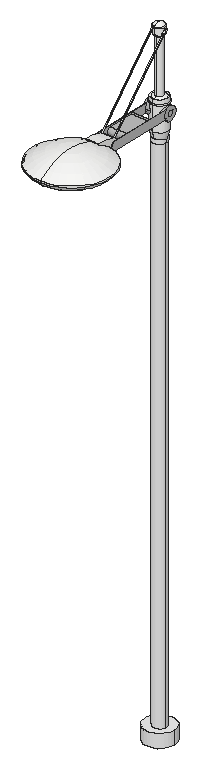
Revit family "FH_Pole", category Lighting Fixtures, Revit 2014
Parameters (values of type "FH_Straight_Arm_With_Extension")
  Wattage Comments = "60 LEDs, 68 W"  # constant formula
  Voltage = 120 V
  URL = "https://www.hubbell.com/architecturalarealighting/en"
  Type Comments = "Lighting Fixture"  # constant formula
  Straight Arm With Extension = yes
  Straight Arm = yes
  Straight = FH-Straight : FH-Straight
  Series = "Flex"  # constant formula
  Product Page URL = "https://www.hubbell.com/architecturalarealighting/en/Products/Lighting-Controls/Commercial-Outdoor-Lighting/Area-Site-Roadway/Flex/p/220804"
  Product Documentation Link = "https://hubbellcdn.com/specsheet/aal_fhled_spec.pdf"
  Power Factor = 1  # constant formula
  Pole Height = Mount Height - 16 1/2"  # 163 1/2"
  Pole Finish = Metal-Kim Lighting-Aluminum Alloy
  Photometric Web Link = "https://www.hubbell.com/architecturalarealighting/en/Products/Lighting-Controls/Commercial-Outdoor-Lighting/Area-Site-Roadway/Flex/p/220804#prod-photometry-section"
  Photometric Notes = "More IES files download on Photometric Web Link"  # constant formula
  Number of Poles = 1
  Mount Height = 180"
  Model = "FH"  # constant formula
  Manufacturer = "Architectural Area Lighting"  # constant formula
  Load Classification = Lighting
  Lamp = "LED"  # constant formula
  Inside Material = Metal-Kim Lighting-Aluminum-Reflective
  IP Rating = "IP66"  # constant formula
  Housing Material = Metal-Kim Lighting-Aluminum Alloy
  Glass Material = Glass-Kim Lighting-Clear
  Finish = "All colors shall be a Super TGIC powder coat paint. Optional white (WH) and custom colors available."
  Extension Rod = yes
  Description = "Product Description Flex features AALs exclusive MicroCore technology which provides ample, smooth, even illumination of the environment. The precision aiming system of AALs MicroCore technology ensures that even when looking directly at the luminaire, only one-half of the LEDs can be viewed at any given time. Upgrade kits are available for existing HID installations. Multiple arm designs and mounting options, including single, twin, tri and quad shape, form a versatile create it yourself look."  # constant formula
  Curved Arm with Extension = no
  Curved Arm = no
  Curved = FH : FH
  Contact us = "https://www.hubbell.com/architecturalarealighting/en/contactUs?productId=220804"
  Assembly Code = "D5020200"
  Arm Material = Metal-Kim Lighting-Aluminum Alloy
  Apparent Load = 68 VA
  Height = 17 1/2"
  Angle Bee = 180.00°
Types (4): name | Straight Arm With Extension | Straight Arm | Extension Rod | Curved Arm with Extension | Curved Arm
  FH_Straight_Arm | no | yes | no | no | no
  FH_Straight_Arm_With_Extension | yes | yes | yes | no | no
  FH_Curved_Arm | no | no | no | no | yes
  FH_Curved_Arm_Wtih_Extension | no | no | yes | yes | yes
Reference planes (in)
  plane 1 "Center (Front/Back)": y = 0
  plane 2: z = 177
  plane 3 "Center (Left/Right)": x = -1.40174
  plane 4 "TOP": z = 180
  plane 5: x = 1.59826
  plane 6: x = -4.40174
  plane 7: z = 162.5
  plane 8: x = 7.09826
  plane 9: x = -9.90174
  plane 10: x = 2.59826
  plane 11: x = -5.40174
  plane 12: y = -3
  plane 13: x = 3.34826
  plane 14: x = -6.15174
  plane 15: y = 3
  plane 16: y = 4
  plane 17: y = -4
  plane 18 "Bottom": z = 160.75
  plane 19: z = 163
  plane 20: z = 0
Dimensions and locks (in)
  locked: plane 2 to plane 4 "TOP" at 3
  locked: plane 18 "Bottom" to plane 19 at 2.25
  locked: plane 18 "Bottom" to plane 7 at 1.75
  equal spacing: plane 9, plane 3 "Center (Left/Right)", plane 8
  locked: plane 9 to plane 8 at 17
  plane 17 to plane 1 "Center (Front/Back)" to plane 16 = 4" locked, 4" locked
  plane 12 to plane 1 "Center (Front/Back)" to plane 15 = 3" locked, 3" locked
  plane 14 to plane 3 "Center (Left/Right)" to plane 13 = 4 3/4" locked, 4 3/4" locked
  plane 11 to plane 3 "Center (Left/Right)" to plane 10 = 4" locked, 4" locked
  plane 6 to plane 3 "Center (Left/Right)" to plane 5 = 3" locked, 3" locked
  "Height": plane 7 to plane 4 "TOP"
  "Mount Height": level to plane 4 "TOP"
  locked: nested 2 to plane 1 "Center (Front/Back)" at 23.83524
  locked: plane 4 "TOP" to nested 2 at 16.5
  aligned and locked: plane 3 "Center (Left/Right)" to nested 1
  aligned and locked: plane 19 to nested 3
  aligned and locked: nested 2 to nested 3
  aligned and locked: nested 3 to nested 2
  aligned and locked: nested 4 to nested 2
  aligned and locked: nested 4 to plane 19
  aligned and locked: nested 2 to nested 4
Nested families (in)
  nested 1: "Notation" at (-1.40174, 8.53943, 0), type "Notation"
  nested 2: "Lighting_Fixture-Kim_Lighting-Post" at (-1.40174, -23.83524, 0), type "Lighting_Fixture-Kim_Lighting-Post"
    with Total Pole Height 163 1/2"
  nested 3: "FH" at (-1.40174, -55.8998, 162.99941), visible <- "Curved Arm", type <- "Curved", type "FH"
    with Note Visible no, Curved Arm With Extension no
  nested 4: "FH-Straight" at (-1.40174, -55.8998, 162.99941), visible <- "Straight Arm", type <- "Straight", type "FH-Straight"
    with Straight Arm With Extension yes
Connectors (in)
  electrical at (-1.40174, -23.83524, 0), driven by "Voltage", driven by "Apparent Load", driven by "Power Factor"
    settings: on nested 2, index 1, voltage 120 V, apparent load 68 VA, apparent load phase1 0 VA, apparent load phase2 0 VA, apparent load phase3 0 VA, power factor 1, load classification "Other", number of poles 1, system type 30, power factor state 1, is connector primary yes, connector utility no, sub classification motor no, connector description "Lighting connector"
Definition of nested family "Lighting_Fixture-Kim_Lighting-Post"
  Parameters
    URL = "www.kimlighting.com"
    Total Pole Height = 192"
    Series = "Site/Roadway"  # constant formula
    Revisions Date = "1/11/10"  # constant formula
    Cap Radius = Pole Radius + 1/8"  # 2 1/8"
    Base Radius = 4 1/2"  # constant formula
    Pole Radius = 2"  # constant formula
    OmniClass Title = "Lighting Poles and Standards"  # constant formula
    OmniClass Number = "23.60.30.24.14"  # constant formula
    Model = ""
    Material = Aluminum-KIM-Black
    MasterFormat Title = "Lighting Poles and Standards"  # constant formula
    MasterFormat Number = "26.56.13"  # constant formula
    Manufacturer = "KIM Lighting"  # constant formula
    LEED = "www.usgbc.org"
    Height of Base = 4"  # constant formula
    Description = "Lighting Post"  # constant formula
    Assembly Code = "D5020280"
    Architectural Design Manual = ""
  Reference planes (in)
    plane 1 "Center (Front/Back)": y = 0
    plane 2: z = 4
    plane 3 "Center (Left/Right)": x = 0
    plane 4 "Top": z = 192
    plane 5: y = -2
    plane 6: y = -4.5
    plane 7: x = -4.5
    plane 8: x = 4.5
    plane 9: y = 4.5
  Forms (in)
    Extrusion 1, solid, material "Aluminum-KIM-Black" <- "Material", detail levels medium+fine
      sketch origin (0, 0, 0) x (1, 0, 0) y (0, 1, 0)
        loop
          circle (0, 0) r 4.5
      from 0 to 4
    Extrusion 2, solid, material "Aluminum-KIM-Black" <- "Material"
      sketch origin (0, 0, 4) x (1, 0, 0) y (0, 1, 0)
        loop
          circle (0, 0) r 2
      from -4 to 188
    Extrusion 3, solid, material "Aluminum-KIM-Black" <- "Material", detail levels fine
      sketch origin (0, 0, 0) x (1, 0, 0) y (0, 1, 0)
        loop
          circle (0, 0) r 2.125
      from 190.99811 to 192
  Lines and regions (in)
    Masking region 1, detail levels medium+fine
      outline origin (0, 0, 0) x (1, 0, 0) y (0, 1, 0)
        loop
          circle (0, 0) r 4.5
    Masking region 2, detail levels medium+fine
      outline origin (0, 0, 0) x (1, 0, 0) y (0, 0, 1)
        loop
          line (-4.5, 0) -> (4.5, 0) -> (4.5, 4) -> (2, 4) -> (2, 192) -> (-2, 192) -> (-2, 4) -> (-4.5, 4) -> (-4.5, 0)
    Masking region 3, detail levels medium+fine
      outline origin (0, 0, 0) x (0, 1, 0) y (0, 0, 1)
        loop
          line (4.5, 0) -> (4.5, 4) -> (2, 4) -> (2, 192) -> (-2, 192) -> (-2, 4) -> (-4.5, 4) -> (-4.5, 0) -> (4.5, 0)
    Masking region 4, detail levels coarse
      outline origin (0, 0, 0) x (1, 0, 0) y (0, 0, 1)
        loop
          line (-2, 192) -> (-2, 0) -> (2, 0) -> (2, 192) -> (-2, 192)
    Masking region 5, detail levels coarse
      outline origin (0, 0, 0) x (0, 1, 0) y (0, 0, 1)
        loop
          line (2, 192) -> (-2, 192) -> (-2, 0) -> (2, 0) -> (2, 192)
    Masking region 6, detail levels fine
      outline origin (0, 0, 0) x (1, 0, 0) y (0, 0, 1)
        loop
          line (-2.125, 192) -> (-2.125, 190.99811) -> (2.125, 190.99811) -> (2.125, 192) -> (-2.125, 192)
    symbolic lines, detail levels fine
      curve 1: circle (0, 0, 0) r 2 normal (0, 0, 1)
      curve 2: circle (0, 0, 0) r 4.5 normal (0, 0, 1)
      curve 3: line (-2, 0, 4) -> (2, 0, 4)
      curve 4: line (0, 2, 4) -> (0, -2, 4)
    symbolic lines, detail levels coarse
      curve 5: line (-4.5, 4.5, 0) -> (4.5, 4.5, 0)
      curve 6: line (-4.5, -4.5, 0) -> (-4.5, 4.5, 0)
      curve 7: line (4.5, -4.5, 0) -> (-4.5, -4.5, 0)
      curve 8: line (4.5, 4.5, 0) -> (4.5, -4.5, 0)
  Dimensions and locks (in)
    "Height of Base": plane 2 to level
    "Total Pole Height": plane 4 "Top" to level
    "Pole Radius": plane 1 "Center (Front/Back)" to plane 5
    "Base Radius": plane 1 "Center (Front/Back)" to plane 6
    Masking region 2 sketch curve to Masking region 2 sketch curve to plane 3 "Center (Left/Right)" to Masking region 2 sketch curve to Masking region 2 sketch curve = 2 1/2" locked, 2" locked, 2" locked, 2 1/2" locked
    Masking region 3 sketch curve to Masking region 3 sketch curve to plane 1 "Center (Front/Back)" to Masking region 3 sketch curve to Masking region 3 sketch curve = 2 1/2" locked, 2" locked, 2" locked, 2 1/2" locked
    "Pole Radius": plane 3 "Center (Left/Right)" to Masking region 4 sketch curve
    "Pole Radius": Masking region 4 sketch curve to plane 3 "Center (Left/Right)"
    "Pole Radius": Masking region 5 sketch curve to plane 1 "Center (Front/Back)"
    "Pole Radius": plane 1 "Center (Front/Back)" to Masking region 5 sketch curve
    "Base Radius": plane 6 to plane 1 "Center (Front/Back)"
    "Base Radius": plane 1 "Center (Front/Back)" to plane 9
    "Base Radius": plane 7 to plane 3 "Center (Left/Right)"
    "Base Radius": plane 3 "Center (Left/Right)" to plane 8
    locked: plane 4 "Top" to Extrusion 3 at 1.00189
    "Cap Radius": Masking region 6 sketch curve to plane 3 "Center (Left/Right)"  (x2)
    "Base Radius": radius of Extrusion 1 sketch curve
    "Pole Radius": radius of Extrusion 2 sketch curve
    "Base Radius": radius of curve 2
    "Pole Radius": radius of curve 1
    "Base Radius": radius of Masking region 1 sketch curve
    "Cap Radius": radius of Extrusion 3 sketch curve
    aligned and locked: plane 1 "Center (Front/Back)" to Extrusion 1 sketch curve
    aligned and locked: plane 3 "Center (Left/Right)" to Extrusion 1 sketch curve
    aligned and locked: Extrusion 1 to level
    aligned and locked: plane 2 to Extrusion 1
    aligned and locked: plane 1 "Center (Front/Back)" to Extrusion 2 sketch curve
    aligned and locked: plane 3 "Center (Left/Right)" to Extrusion 2 sketch curve
    aligned and locked: plane 4 "Top" to Extrusion 2
    aligned and locked: plane 3 "Center (Left/Right)" to curve 1
    aligned and locked: plane 3 "Center (Left/Right)" to curve 2
    aligned and locked: plane 1 "Center (Front/Back)" to curve 2
    aligned and locked: plane 1 "Center (Front/Back)" to curve 1
    aligned and locked: plane 3 "Center (Left/Right)" to Masking region 1 sketch curve
    aligned and locked: plane 1 "Center (Front/Back)" to Masking region 1 sketch curve
    aligned and locked: Extrusion 2 to level
    aligned and locked: Masking region 2 sketch curve to level
    aligned and locked: plane 2 to Masking region 2 sketch curve  (x2)
    aligned and locked: plane 4 "Top" to Masking region 2 sketch curve
    aligned and locked: Masking region 2 to curve 3  (x2)
    aligned and locked: curve 3 to plane 2
    aligned and locked: plane 4 "Top" to Masking region 3 sketch curve
    aligned and locked: plane 2 to Masking region 3 sketch curve  (x2)
    aligned and locked: Masking region 3 sketch curve to level
    aligned and locked: Masking region 3 to curve 4
    aligned and locked: plane 5 to curve 4
    aligned and locked: curve 4 to plane 2
    aligned and locked: level to Masking region 4 sketch curve
    aligned and locked: Masking region 4 sketch curve to plane 4 "Top"
    aligned and locked: level to Masking region 5 sketch curve
    aligned and locked: Masking region 5 sketch curve to plane 4 "Top"
    aligned and locked: plane 7 to curve 5
    aligned and locked: plane 9 to curve 5
    aligned and locked: plane 6 to curve 8
    aligned and locked: curve 8 to plane 8
    aligned and locked: plane 4 "Top" to Extrusion 3
    aligned and locked: plane 4 "Top" to Masking region 6 sketch curve
    aligned and locked: Masking region 6 sketch curve to Extrusion 3
  Automatic sketch dimensions
    Extrusion 3 sketch curve to plane 1 "Center (Front/Back)" = 0"
    Extrusion 3 sketch curve to plane 3 "Center (Left/Right)" = 0"
Definition of nested family "FH"
  Parameters (values of type "FH")
    Straight Arm With Extension = no
    Pole Finish = Metal-Kim Lighting-Aluminum Alloy
    Extension Rod = yes
    Default elevation = 0"
    Height = 31"  # constant formula
    Length = 42"  # constant formula
    Wattage Comments = "MH150/U"
    Wattage = 80 W
    built-in parameter 1150110 = 1 (stored number, unit not read)
    Voltage = 277 V  # constant formula
    Width = 4"  # constant formula
    URL = "http://www.aal.net/"
    built-in parameter 1114217 = 1 (stored number, unit not read)
    Tilt Angle = 90.00°
    built-in parameter 1150109 = 1 (stored number, unit not read)
    built-in parameter 1150134 = (empty or 0)
    built-in parameter 1150113 = 1 (stored number, unit not read)
    Series = "FLex"  # constant formula
    Revision Date = "02/23/2010"  # constant formula
    Framing Material = Aluminum-AAL-Grey Satin
    Power Factor = 1  # constant formula
    Photometric Web File = "FH-T2-56LED-3K-450.ies"
    OmniClass Title = "Post-Top Lighting"  # constant formula
    OmniClass Number = "23.80.70.14.11.14"  # constant formula
    Number of Poles = 1
    Note Visible = yes
    Note Text = "LF"  # constant formula
    Model = "24\" , FH2-150MH"
    MasterFormat Title = "Area Lighting"  # constant formula
    MasterFormat Number = "26.56.29"  # constant formula
    Manufacturer = "Architectural Area Lighting"  # constant formula
    Lumens = 8160 lm
    built-in parameter 1150115 = 1 (stored number, unit not read)
    built-in parameter 1150105 = 649.16 (stored number, unit not read)
    built-in parameter 1150137 = (empty or 0)
    built-in parameter 1150139 = (empty or 0)
    built-in parameter 1150112 = 1 (stored number, unit not read)
    built-in parameter 1150114 = 1 (stored number, unit not read)
    Lamp = "150 WATT MEDIUM BASE ED-17 CLEAR MH LAMP"
    built-in parameter 1150132 = (empty or 0)
    built-in parameter 1150102 = (empty or 0)
    built-in parameter 1150138 = (empty or 0)
    built-in parameter 1150107 = 3000 (stored number, unit not read)
    built-in parameter 1150106 = 6.4916 (stored number, unit not read)
    Housing Material = Aluminum-AAL-Artic White
    Glazing Type = Glass-AAL-Clear
    Full Load Current = 0.73 A  # constant formula
    Frequency = 60 Hz  # constant formula
    built-in parameter 1150104 = 9.4761 (stored number, unit not read)
    Dimming Lamp Color Temperature Shift = (empty or 0)
    Description = "Exterior Lighting"  # constant formula
    Curved Arm With Extension = yes
    Color Filter = 16777215
    built-in parameter 1114218 = 1 (stored number, unit not read)
    built-in parameter 1150133 = 10 (stored number, unit not read)
    Assembly Code = "D5020210"
    Architectural Design Manual = "http://www.aal.net/sections/downloads/html/downloads.html"
    Apparent Load = 150 VA
    Absolute Lumens = 12500 lm
    AAL IES File = "FH2-150MH.IES"
  Reference planes (in)
    plane 1 "Light Source Axis (F/B)": y = 1.68956
    plane 2: z = 0.00059
    plane 3 "Light Source Axis (L/R)": x = 0
    plane 4 "Light Source Elevation": z = 18.00059
    plane 5 "Top": z = 31.00059
    plane 6 "Back": y = 32.06456
    plane 7 "Front": y = -9.93544
    plane 8: y = 13.31456
  Forms (in)
    Revolve 1, solid, material "Aluminum-AAL-Artic White" <- "Housing Material"
      sketch origin (0, 0, 0) x (0, 1, 0) y (0, 0, 1)
        loop
          arc (1.68956, 23.41936) -> (-4.44431, 22.41331) -> (-9.93544, 19.50059) r 19.20214
          line (-9.93544, 19.50059) -> (-9.93544, 19.00059) -> (-9.68544, 19.00059) -> (-9.68544, 19.37614)
          arc (-9.68544, 19.37614) -> (-4.30584, 22.19606) -> (1.68956, 23.16936) r 18.95214
          line (1.68956, 23.16936) -> (1.68956, 23.41936)
        axis (1.68956, 23.41936) -> (1.68956, 19.00059)
      angle from 0 to 360
    Revolve 2, solid, material "Aluminum-AAL-Artic White" <- "Housing Material"
      sketch origin (0, 0, 0) x (0, 1, 0) y (0, 0, 1)
        loop
          line (-5.93544, 17.00059) -> (-5.93544, 17.06309) -> (-6.1739, 17.06309)
          arc (-6.1739, 17.06309) -> (-8.25434, 17.57991) -> (-9.85966, 19.00059) r 4.50026
          line (-9.85966, 19.00059) -> (-9.93544, 19.00059)
          arc (-9.93544, 19.00059) -> (-8.30246, 17.53465) -> (-6.17399, 17.00059) r 4.56276
          line (-6.17399, 17.00059) -> (-5.93544, 17.00059)
        axis (1.68956, 19.00059) -> (1.68956, 17.00059)
      angle from 0 to 360
    Extrusion 3, solid, material "Glass-AAL-Clear" <- "Glazing Type"
      sketch origin (0, 0, 18.00059) x (0, -1, 0) y (-1, 0, 0)
        loop
          circle (-1.68956, 0) r 7.625
      from 0.9375 to 1
    Extrusion 4, solid, material "Aluminum-AAL-Artic White" <- "Housing Material"
      sketch origin (0, 0, 0) x (0, 1, 0) y (0, 0, 1)
        loop
          line (9.25725, 21.73831) -> (9.36016, 16.99823)
          arc (9.36016, 16.99823) -> (12.16761, 17.24164) -> (14.90087, 17.92748) r 17.70208
          arc (14.90087, 17.92748) -> (15.87284, 19.34576) -> (14.90087, 20.76405) r 1.52075
          arc (14.90087, 20.76405) -> (12.114, 21.45358) -> (9.25725, 21.73831) r 20.06345
      from -2 to 2
    Extrusion 5, solid, material "Aluminum-AAL-Grey Satin" <- "Framing Material"
      sketch origin (0, 0, 0) x (0, 1, 0) y (0, 0, 1)
        loop
          arc (32.82433, 1.37216) -> (34.26512, 0.34789) -> (35.28939, 1.78867) r 1.25
          arc (35.28939, 1.78867) -> (28.33631, 14.70455) -> (14.96687, 20.73973) r 22.87006
          arc (14.96687, 20.73973) -> (13.60104, 19.61745) -> (14.72333, 18.25162) r 1.25
          arc (14.72333, 18.25162) -> (26.63131, 12.87617) -> (32.82433, 1.37216) r 20.37006
      from 2.75 to 3
    Extrusion 6, solid, material "Aluminum-AAL-Grey Satin" <- "Framing Material"
      sketch origin (0, 12, 0) x (0, 1, 0) y (0, 0, 1)
        loop
          arc (20.82433, 1.37216) -> (22.26512, 0.34789) -> (23.28939, 1.78867) r 1.25
          arc (23.28939, 1.78867) -> (16.33631, 14.70455) -> (2.96687, 20.73973) r 22.87006
          arc (2.96687, 20.73973) -> (1.60104, 19.61745) -> (2.72333, 18.25162) r 1.25
          arc (2.72333, 18.25162) -> (14.63131, 12.87617) -> (20.82433, 1.37216) r 20.37006
      from -2.75 to -3
    Revolve 7, solid, material "Aluminum-AAL-Matte"
      sketch origin (0, 0, 0) x (0, 1, 0) y (0, 0, 1)
        loop
          line (32.06456, 0.00059) -> (32.06456, 11.96459) -> (31.00234, 11.96459) -> (30.13372, 11.47198) -> (29.63372, 11.47198) -> (29.63372, 10.41968) -> (29.38372, 10.41968) -> (29.38372, 10.16968) -> (29.63372, 10.16968) -> (29.63372, 2.68011) -> (30.25234, 0.00059) -> (32.06456, 0.00059)
        axis (32.06456, 0.00059) -> (32.06456, 11.96459)
      angle from 0 to 360
    Extrusion 8, solid, material "Aluminum-AAL-Grey Satin" <- "Framing Material"
      sketch origin (0, 0, 0) x (0, 1, 0) y (0, 0, 1)
        loop
          circle (32.06456, 7.72793) r 1
        loop
          circle (32.06456, 7.72793) r 2
      from -3.25 to 3.25
    Extrusion 9, solid, material "Aluminum-AAL-Grey Satin" <- "Framing Material"
      sketch origin (0, 0, 0) x (0, 1, 0) y (0, 0, 1)
        loop
          arc (19.59353, 17.42586) -> (23.47802, 15.58128) -> (26.89545, 12.97114) r 20.62006
          arc (26.89545, 12.97114) -> (28.1205, 13.18976) -> (28.26853, 14.42532) r 1.04542
          arc (28.26853, 14.42532) -> (24.51963, 17.28863) -> (20.25838, 19.31212) r 22.62006
          arc (20.25838, 19.31212) -> (19.17669, 18.63308) -> (19.59353, 17.42586) r 1.02659
      from -2.75 to 2.75
    Revolve 10, solid, material "Metal-Kim Lighting-Aluminum Alloy" <- "Pole Finish", visible <- "Curved Arm With Extension"
      sketch origin (0.05732, 55.69327, -163.0152) x (0, 1, 0) y (0, 0, 1)
        loop
          line (-23.83524, 174.964) -> (-23.83524, 194.6515)
          arc (-23.83524, 194.6515) -> (-24.71112, 194.33015) -> (-25.40049, 193.7015) r 2.42135
          line (-25.40049, 193.7015) -> (-25.40049, 193.59375) -> (-25.24149, 193.59375) -> (-25.24149, 193.375) -> (-25.40049, 193.375) -> (-25.40049, 191.46674) -> (-24.96024, 191.0265) -> (-24.96024, 174.964) -> (-23.83524, 174.964)
        axis (-23.83524, 174.964) -> (-23.83524, 194.6515)
      angle from 0 to 360
    Revolve 11, solid, material "Metal-Kim Lighting-Aluminum Alloy" <- "Pole Finish", visible <- "Curved Arm With Extension"
      sketch origin (2.08401, 48.41128, 47.52375) x (1, 0, 0) y (0, 0.681998, 0.731354)
        loop
          line (-3.68127, -25.40448) -> (-3.58258, -25.40448) -> (-3.58258, -24.46424)
          arc (-3.58258, -24.46424) -> (-3.46708, -24.30979) -> (-3.423, -24.12203) r 0.47197
          arc (-3.423, -24.12203) -> (-3.5951, -23.93195) -> (-3.83258, -23.83524) r 0.57684
          line (-3.83258, -23.83524) -> (-3.83258, -39.94098) -> (-3.68127, -39.94098) -> (-3.68127, -25.40448)
        axis (-3.83258, -23.83524) -> (-3.83258, -39.94098)
      angle from 0 to 360
    Revolve 12, solid, material "Metal-Kim Lighting-Aluminum Alloy" <- "Pole Finish", visible <- "Curved Arm With Extension"
      sketch origin (-1.96937, 48.41128, 47.52375) x (-1, 0, 0) y (0, -0.681998, -0.731354)
        loop
          line (-3.68127, 25.40448) -> (-3.68127, 40.16707) -> (-3.83258, 40.16707) -> (-3.83258, 23.83524)
          arc (-3.83258, 23.83524) -> (-3.5951, 23.93195) -> (-3.423, 24.12203) r 0.57684
          arc (-3.423, 24.12203) -> (-3.46708, 24.30979) -> (-3.58258, 24.46424) r 0.47197
          line (-3.58258, 24.46424) -> (-3.58258, 25.40448) -> (-3.68127, 25.40448)
        axis (-3.83258, 23.83524) -> (-3.83258, 40.16707)
      angle from 0 to 360
  Cuts and joins
    joined: Extrusion 5, Extrusion 6, Extrusion 8
    joined: Revolve 1, Extrusion 4
  Lines and regions (in)
    reference lines
      curve 1: line (0, 37.41735, 7.8317) -> (0, 7.10647, 25.3317)
    symbolic lines, detail levels fine
      curve 2: arc (0, 13.31456, 19.4909) -> (0, 11.43775, 20.7238) -> (0, 9.43162, 21.73271) r 19.49638
      curve 3: arc (0, 13.31456, 19.00059) -> (0, 11.68119, 17.53532) -> (0, 9.55311, 17.00037) r 4.56967
      curve 4: line (0, 13.31456, 19.00059) -> (0, 13.31456, 19.4909)
      curve 5: arc (0, 14.96687, 20.73973) -> (0, 13.60104, 19.61745) -> (0, 14.72333, 18.25162) r 1.25
      curve 6: arc (0, 14.72333, 18.25162) -> (0, 23.62613, 15.19498) -> (0, 30.20417, 8.46206) r 20.37006
      curve 7: arc (0, 32.37456, 9.70376) -> (0, 24.98443, 17.29394) -> (0, 14.96687, 20.73973) r 22.87006
      curve 8: arc (0, 32.82433, 1.37216) -> (0, 34.26512, 0.34789) -> (0, 35.28939, 1.78867) r 1.25
      curve 9: circle (0, 32.06456, 7.72793) r 2 normal (1, 0, 0)
      curve 10: circle (0, 32.06456, 7.72793) r 1 normal (-1, 0, 0)
      curve 11: arc (0, 31.54946, 5.7954) -> (0, 32.31224, 3.61991) -> (0, 32.82433, 1.37216) r 20.37006
      curve 12: arc (0, 35.28939, 1.78867) -> (0, 34.70719, 4.33745) -> (0, 33.83789, 6.80312) r 22.87006
      curve 13: line (0, 32.559, 2.68011) -> (0, 29.44594, 2.68011)
      curve 14: line (0, 31.92894, 10.41968) -> (0, 34.93317, 10.41968)
      curve 15: line (0, 32.08873, 10.16968) -> (0, 34.93317, 10.16968)
      curve 16: line (0, 31.20418, 11.47198) -> (0, 34.18317, 11.47198)
      curve 17: line (0, 31.06456, 11.96459) -> (0, 33.06456, 11.96459)
  Dimensions and locks (in)
    "Height": plane 5 "Top" to plane 2
    locked: plane 5 "Top" to plane 4 "Light Source Elevation" at 13
    equal spacing: plane 8, plane 1 "Light Source Axis (F/B)", plane 7 "Front"
    plane 6 "Back" to plane 8 = 18 3/4"
    "Length": plane 6 "Back" to plane 7 "Front"
    plane 4 "Light Source Elevation" to Revolve 1 sketch curve to Revolve 1 sketch curve = 5.16876" locked, 1/4" locked
    locked: Revolve 1 sketch curve to plane 7 "Front" at 0.25
    Revolve 2 sketch curve to Revolve 2 sketch curve to plane 4 "Light Source Elevation" = 1/16" locked, 15/16" locked
    Revolve 2 sketch curve to Revolve 2 sketch curve to plane 4 "Light Source Elevation" = 1/16" locked, 0.93752" locked
    locked: plane 4 "Light Source Elevation" to Revolve 2 sketch curve at 1
    locked: Revolve 2 sketch curve to plane 7 "Front" at 4
    locked: plane 3 "Light Source Axis (L/R)" to Extrusion 3 sketch curve at 7.625
    Extrusion 4 sketch curve to plane 8 to Extrusion 4 sketch curve to Extrusion 4 sketch curve = 2.55828" locked, 3.9544" locked, 0.10291" locked
    Extrusion 4 sketch curve to Extrusion 4 sketch curve to plane 4 "Light Source Elevation" to Extrusion 4 sketch curve to Extrusion 4 sketch curve = 0.92925" locked, 0.07312" locked, 2.76346" locked, 0.97426" locked
    locked: curve 1 to plane 4 "Light Source Elevation" at 10.16889
    locked: curve 1 to plane 6 "Back" at 5.3528
    locked: plane 8 to curve 1 at 6.20809
    locked: plane 5 "Top" to curve 1 at 5.66889
    equal spacing: Extrusion 5 sketch curve, Extrusion 5 sketch curve, plane 8
    plane 5 "Top" to Extrusion 5 sketch curve to Extrusion 5 sketch curve = 10.26086" locked, 2.48811" locked
    Extrusion 5 sketch curve to Extrusion 5 sketch curve to plane 2 = 0.41651" locked, 1.37157" locked
    Extrusion 5 sketch curve to Extrusion 5 sketch curve to plane 6 "Back" = 2.46506" locked, 0.75978" locked
    plane 2 to Extrusion 5 sketch curve to Extrusion 5 sketch curve = 2.02215" locked, 0" locked
    locked: plane 8 to Extrusion 5 sketch curve at 0.5756
    plane 8 to Extrusion 5 sketch curve = 0.5756"
    locked: Extrusion 6 sketch curve to Extrusion 6 sketch curve
    Extrusion 6 sketch curve to Extrusion 6 sketch curve to plane 8 = 0.24354" locked, 1.40877" locked
    equal spacing: plane 4 "Light Source Elevation", Extrusion 6 sketch curve, Extrusion 6 sketch curve
    Extrusion 6 sketch curve to Extrusion 6 sketch curve to plane 6 "Back" = 2.46506" locked, 0.75978" locked
    equal spacing: Extrusion 6 sketch curve, Extrusion 6 sketch curve, plane 2
    locked: plane 2 to Extrusion 6 sketch curve at 2.02215
    plane 2 to Extrusion 6 sketch curve = 2.02215"
    plane 8 to Extrusion 6 sketch curve to Extrusion 6 sketch curve = 0.5756" locked, 0" locked
    Revolve 7 sketch curve to Revolve 7 sketch curve to Revolve 7 sketch curve to Revolve 7 sketch curve to Revolve 7 sketch curve to Revolve 7 sketch curve = 1.06222" locked, 3/4" locked, 0.11862" locked, 1/2" locked, 1/4" locked
    Revolve 7 sketch curve to Revolve 7 sketch curve to Revolve 7 sketch curve to Revolve 7 sketch curve to Revolve 7 sketch curve to plane 2 = 0.4926" locked, 1.0523" locked, 1/4" locked, 7.48957" locked, 2.67952" locked
    Extrusion 8 sketch curve to Extrusion 8 sketch curve to plane 2 = 0" locked, 7.72734" locked
    curve 15 to curve 14 to curve 13 to curve 15 to plane 6 "Back" to curve 14 to curve 13 = 0" locked, 2.37418" locked, 0.47027" locked, 0.02417" locked, 0.13561" locked, 2.483" locked
    plane 8 to curve 3 to curve 2 = 3.76145" locked, 0.12149" locked
    curve 3 to plane 4 "Light Source Elevation" to curve 4 to curve 4 to curve 2 = 1.00026" locked, 1" locked, 0.4903" locked, 2.24182" locked
    curve 16 to curve 17 to plane 6 "Back" to curve 16 to curve 17 = 1.11862" locked, 1" locked, 0.86038" locked, 0.13962" locked
    aligned and locked: plane 4 "Light Source Elevation" to imposter light
    aligned and locked: plane 3 "Light Source Axis (L/R)" to imposter light
    aligned and locked: plane 1 "Light Source Axis (F/B)" to imposter light
    aligned and locked: plane 1 "Light Source Axis (F/B)" to Revolve 1 sketch curve
    aligned and locked: Revolve 1 sketch curve to plane 7 "Front"
    aligned and locked: Revolve 1 sketch curve to Revolve 1 sketch curve
    aligned and locked: Revolve 2 sketch curve to plane 1 "Light Source Axis (F/B)"
    aligned and locked: plane 1 "Light Source Axis (F/B)" to Extrusion 3 sketch curve
    aligned and locked: plane 3 "Light Source Axis (L/R)" to Extrusion 3 sketch curve
    aligned and locked: Revolve 7 sketch curve to plane 6 "Back"
    aligned and locked: Revolve 7 sketch curve to Revolve 7 sketch curve  (x2)
    aligned and locked: Revolve 7 sketch curve to plane 2
    aligned and locked: plane 6 "Back" to Extrusion 8 sketch curve  (x2)
    aligned and locked: curve 5 to cut or joined group of Extrusion 5, Extrusion 6, Extrusion 8
    aligned and locked: curve 6 to cut or joined group of Extrusion 5, Extrusion 6, Extrusion 8
    aligned and locked: curve 7 to cut or joined group of Extrusion 5, Extrusion 6, Extrusion 8
    aligned and locked: curve 8 to cut or joined group of Extrusion 5, Extrusion 6, Extrusion 8
    aligned and locked: curve 9 to cut or joined group of Extrusion 5, Extrusion 6, Extrusion 8
    aligned and locked: curve 10 to cut or joined group of Extrusion 5, Extrusion 6, Extrusion 8
    aligned and locked: curve 11 to cut or joined group of Extrusion 5, Extrusion 6, Extrusion 8
    aligned and locked: curve 12 to cut or joined group of Extrusion 5, Extrusion 6, Extrusion 8
    aligned and locked: curve 4 to plane 8
  Automatic sketch dimensions
    Revolve 1 sketch curve to Revolve 1 sketch curve = 0"
    Revolve 1 sketch curve to plane 4 "Light Source Elevation" = 1 1/2"
    Revolve 1 sketch curve to Revolve 1 sketch curve = 0.37555"
    Revolve 1 sketch curve to level = 37"
    plane 5 "Top" to Revolve 1 sketch curve = 34.72669"
    Revolve 2 sketch curve to Revolve 2 sketch curve = 0"  (x2)
    Revolve 2 sketch curve to plane 7 "Front" = 0"
    Revolve 2 sketch curve to Revolve 2 sketch curve = 0.07578"
    Revolve 2 sketch curve to level = 37"
    plane 5 "Top" to Revolve 2 sketch curve = 34.72669"
    Extrusion 4 sketch curve to plane 8 = 4.07492"
    plane 2 to Extrusion 4 sketch curve = 1.68198"
    Extrusion 4 sketch curve to plane 8 = 4.61364"
    Extrusion 4 sketch curve to Extrusion 4 sketch curve = 0.54878"
    Extrusion 5 sketch curve to plane 4 "Light Source Elevation" = 0.25103"
    plane 8 to Extrusion 5 sketch curve = 1.40877"
    Extrusion 5 sketch curve to Extrusion 5 sketch curve = 0"
    Extrusion 6 sketch curve to Extrusion 6 sketch curve = 0"  (x3)
    plane 2 to Extrusion 6 sketch curve = 1.37157"
    Revolve 7 sketch curve to level = 0"
    plane 5 "Top" to Revolve 7 sketch curve = 34.72669"
    curve 2 to plane 1 "Light Source Axis (F/B)" = 0"
    curve 2 to curve 3 = 0.10405"
    curve 16 to curve 17 = 0.4926"
    Extrusion 9 sketch curve to Extrusion 9 sketch curve = 0"  (x2)
    plane 8 to Extrusion 9 sketch curve = 6.94382"
    plane 4 "Light Source Elevation" to Extrusion 9 sketch curve = 0.57473"
    Extrusion 9 sketch curve to plane 8 = 0.5756"
    Extrusion 9 sketch curve to plane 4 "Light Source Elevation" = 0.29123"
    Extrusion 9 sketch curve to Extrusion 9 sketch curve = 0.55137"
    Extrusion 9 sketch curve to Extrusion 9 sketch curve = 0.11348"
    Extrusion 9 sketch curve to Extrusion 9 sketch curve = 0.46493"
    Extrusion 9 sketch curve to Extrusion 9 sketch curve = 0.90815"
    Extrusion 9 sketch curve to plane 6 "Back" = 5.16911"
    plane 4 "Light Source Elevation" to Extrusion 9 sketch curve = 5.02945"
    Revolve 10 sketch curve to plane 7 "Front" = 40.22822"
    Revolve 10 sketch curve to Revolve 10 sketch curve = 0"
    Revolve 10 sketch curve to Revolve 10 sketch curve = 0.159"
    Revolve 10 sketch curve to plane 7 "Front" = 40.66847"
    Revolve 10 sketch curve to plane 7 "Front" = 41.79347"  (x2)
    Revolve 10 sketch curve to plane 7 "Front" = 42.1739"
    Revolve 10 sketch curve to plane 5 "Top" = 19.0518"
    Revolve 10 sketch curve to Revolve 10 sketch curve = 16 1/16"
    Revolve 10 sketch curve to Revolve 10 sketch curve = 0.44025"
    Revolve 10 sketch curve to Revolve 10 sketch curve = 1.23372"
    Revolve 10 sketch curve to Revolve 10 sketch curve = 1.90826"
    Revolve 10 sketch curve to Revolve 10 sketch curve = 7/32"
    Revolve 10 sketch curve to Revolve 10 sketch curve = 0.10775"
    Revolve 10 sketch curve to Revolve 10 sketch curve = 16.214"
    Revolve 10 sketch curve to Revolve 10 sketch curve = 3.0985"
    Revolve 11 sketch curve to plane 3 "Light Source Axis (L/R)" = 1.84195"
    Revolve 11 sketch curve to Revolve 11 sketch curve = 0.03114"
    Revolve 11 sketch curve to Revolve 11 sketch curve = 0.09339"
    Revolve 11 sketch curve to Revolve 11 sketch curve = 0.15131"
    Revolve 11 sketch curve to Revolve 11 sketch curve = 0.09869"
    Revolve 11 sketch curve to Revolve 11 sketch curve = 14.53651"
    Revolve 11 sketch curve to Revolve 11 sketch curve = 0.94024"
    Revolve 11 sketch curve to Revolve 11 sketch curve = 0.05977"
    Revolve 11 sketch curve to Revolve 11 sketch curve = 0.29415"
    Revolve 11 sketch curve to Revolve 11 sketch curve = 0.27509"
    Revolve 11 sketch curve to Revolve 11 sketch curve = 0"  (x2)
    Revolve 11 sketch curve to Revolve 11 sketch curve = 0.39426"
    plane 3 "Light Source Axis (L/R)" to Revolve 12 sketch curve = 1.9566"
    Revolve 12 sketch curve to Revolve 12 sketch curve = 0.03114"
    Revolve 12 sketch curve to Revolve 12 sketch curve = 0.09339"
    Revolve 12 sketch curve to Revolve 12 sketch curve = 0.15131"
    Revolve 12 sketch curve to Revolve 12 sketch curve = 0.09869"
    Revolve 12 sketch curve to Revolve 12 sketch curve = 0.27509"
    Revolve 12 sketch curve to Revolve 12 sketch curve = 0.29415"
    Revolve 12 sketch curve to Revolve 12 sketch curve = 0.05977"
    Revolve 12 sketch curve to Revolve 12 sketch curve = 0.94024"
    Revolve 12 sketch curve to Revolve 12 sketch curve = 14.76259"
    Revolve 12 sketch curve to Revolve 12 sketch curve = 0"  (x2)
    Revolve 12 sketch curve to Revolve 12 sketch curve = 0.16817"
    radius of Extrusion 8 sketch curve = 1"
    radius of Extrusion 8 sketch curve = 2"
Definition of nested family "FH-Straight"
  Parameters (values of type "FH-Straight")
    Wattage = 80 W
    built-in parameter 1150110 = 1 (stored number, unit not read)
    built-in parameter 1114217 = 1 (stored number, unit not read)
    Tilt Angle = 60.00°
    built-in parameter 1150109 = 1 (stored number, unit not read)
    built-in parameter 1150134 = 3
    built-in parameter 1150113 = 1 (stored number, unit not read)
    Straight Arm With Extension = no
    Pole Finish = Metal-Kim Lighting-Aluminum Alloy
    Photometric Web File = "FH-T2-56LED-3K-450.ies"
    built-in parameter 1150105 = 649.35 (stored number, unit not read)
    Lumens = 8160 lm
    built-in parameter 1150115 = 1 (stored number, unit not read)
    built-in parameter 1150137 = (empty or 0)
    built-in parameter 1150139 = (empty or 0)
    built-in parameter 1150112 = 1 (stored number, unit not read)
    built-in parameter 1150114 = 1 (stored number, unit not read)
    built-in parameter 1150132 = (empty or 0)
    built-in parameter 1150102 = (empty or 0)
    built-in parameter 1150107 = 3200 (stored number, unit not read)
    built-in parameter 1150138 = (empty or 0)
    built-in parameter 1150106 = 6.4935 (stored number, unit not read)
    Extension Rod = yes
    built-in parameter 1150104 = 9.4761 (stored number, unit not read)
    Dimming Lamp Color Temperature Shift = (empty or 0)
    Default elevation = 0"
    Height = 31"  # constant formula
    Length = 42"  # constant formula
    Wattage Comments = "MH150/U"
    Voltage = 277 V  # constant formula
    Width = 4"  # constant formula
    URL = "http://www.aal.net/"
    Series = "FLex"  # constant formula
    Revision Date = "02/23/2010"  # constant formula
    Framing Material = Aluminum-AAL-Grey Satin
    Power Factor = 1  # constant formula
    OmniClass Title = "Post-Top Lighting"  # constant formula
    OmniClass Number = "23.80.70.14.11.14"  # constant formula
    Number of Poles = 1
    Note Visible = yes
    Note Text = "LF"  # constant formula
    Model = "24\" , FH2-150MH"
    MasterFormat Title = "Area Lighting"  # constant formula
    MasterFormat Number = "26.56.29"  # constant formula
    Manufacturer = "Architectural Area Lighting"  # constant formula
    Lamp = "150 WATT MEDIUM BASE ED-17 CLEAR MH LAMP"
    Housing Material = Aluminum-AAL-Artic White
    Glazing Type = Glass-AAL-Clear
    Full Load Current = 0.73 A  # constant formula
    Frequency = 60 Hz  # constant formula
    Description = "Exterior Lighting"  # constant formula
    Color Filter = 16777215
    built-in parameter 1114218 = 1 (stored number, unit not read)
    built-in parameter 1150133 = 10 (stored number, unit not read)
    Assembly Code = "D5020210"
    Architectural Design Manual = "http://www.aal.net/sections/downloads/html/downloads.html"
    Apparent Load = 150 VA
    Absolute Lumens = 12500 lm
    AAL IES File = "FH2-150MH.IES"
  Reference planes (in)
    plane 1 "Light Source Axis (F/B)": y = 1.68956
    plane 2: z = 0.00059
    plane 3 "Light Source Axis (L/R)": x = 0
    plane 4 "Light Source Elevation": z = 18.00059
    plane 5 "Top": z = 31.00059
    plane 6 "Back": y = 32.06456
    plane 7 "Front": y = -9.93544
    plane 8: y = 13.31456
  Forms (in)
    Extrusion 1, solid, material "Aluminum-AAL-Grey Satin" <- "Framing Material"
      sketch origin (0, 12, 1.5) x (0, 1, 0) y (0, 0, 1)
        loop
          arc (-0.15813, 7.48973) -> (-1.52396, 6.36745) -> (-0.40167, 5.00162) r 1.25
          line (-0.40167, 5.00162) -> (19.86001, 5.00162)
          arc (19.86001, 5.00162) -> (20.98229, 6.36745) -> (19.61647, 7.48973) r 1.25
          line (19.61647, 7.48973) -> (-0.15813, 7.48973)
      from -2.75 to -3
    Revolve 2, solid, material "Aluminum-AAL-Artic White" <- "Housing Material"
      sketch origin (0, 0, 0) x (0, 1, 0) y (0, 0, 1)
        loop
          line (32.06456, 0.00059) -> (32.06456, 11.96459) -> (31.00234, 11.96459) -> (30.13372, 11.47198) -> (29.63372, 11.47198) -> (29.63372, 10.41968) -> (29.38372, 10.41968) -> (29.38372, 10.16968) -> (29.63372, 10.16968) -> (29.63372, 2.68011) -> (30.25234, 0.00059) -> (32.06456, 0.00059)
        axis (32.06456, 0.00059) -> (32.06456, 11.96459)
      angle from 0 to 360
    Extrusion 3, solid, material "Aluminum-AAL-Grey Satin" <- "Framing Material"
      sketch origin (0, 0, 0) x (0, 1, 0) y (0, 0, 1)
        loop
          circle (32.06456, 7.72793) r 1
        loop
          circle (32.06456, 7.72793) r 2
      from -3.25 to 3.25
    Extrusion 4, solid, material "Aluminum-AAL-Grey Satin" <- "Framing Material"
      sketch origin (0, 0, 0) x (0, 1, 0) y (0, 0, 1)
        loop
          arc (16.70527, 8.84814) -> (15.65867, 7.80154) -> (16.70527, 6.75494) r 1.0466
          line (16.70527, 6.75494) -> (24.70527, 6.75494)
          arc (24.70527, 6.75494) -> (25.75187, 7.80154) -> (24.70527, 8.84814) r 1.0466
          line (24.70527, 8.84814) -> (16.70527, 8.84814)
      from -2.75 to 2.75
    Revolve 5, solid, material "Aluminum-AAL-Artic White" <- "Housing Material"
      sketch origin (0, -3, -11.5) x (0, 1, 0) y (0, 0, 1)
        loop
          arc (1.68956, 23.41936) -> (-4.44431, 22.41331) -> (-9.93544, 19.50059) r 19.20214
          line (-9.93544, 19.50059) -> (-9.93544, 19.00059) -> (-9.68544, 19.00059) -> (-9.68544, 19.37614)
          arc (-9.68544, 19.37614) -> (-4.30584, 22.19606) -> (1.68956, 23.16936) r 18.95214
          line (1.68956, 23.16936) -> (1.68956, 23.41936)
        axis (1.68956, 23.41936) -> (1.68956, 19.00059)
      angle from 0 to 360
    Revolve 6, solid, material "Aluminum-AAL-Artic White" <- "Housing Material"
      sketch origin (0, -3, -11.5) x (0, 1, 0) y (0, 0, 1)
        loop
          line (-5.93544, 17.00059) -> (-5.93544, 17.06309) -> (-6.1739, 17.06309)
          arc (-6.1739, 17.06309) -> (-8.25434, 17.57991) -> (-9.85966, 19.00059) r 4.50026
          line (-9.85966, 19.00059) -> (-9.93544, 19.00059)
          arc (-9.93544, 19.00059) -> (-8.30246, 17.53465) -> (-6.17399, 17.00059) r 4.56276
          line (-6.17399, 17.00059) -> (-5.93544, 17.00059)
        axis (1.68956, 19.00059) -> (1.68956, 17.00059)
      angle from 0 to 360
    Extrusion 7, solid, material "Glass-AAL-Clear" <- "Glazing Type"
      sketch origin (0, -3, 6.50059) x (0, -1, 0) y (-1, 0, 0)
        loop
          circle (-1.68956, 0) r 7.625
      from 0.9375 to 1
    Extrusion 8, solid, material "Aluminum-AAL-Grey Satin" <- "Framing Material"
      sketch origin (0, 12, 1.5) x (0, 1, 0) y (0, 0, -1)
        loop
          line (-0.15813, -7.48973) -> (19.61647, -7.48973)
          arc (19.61647, -7.48973) -> (20.98229, -6.36745) -> (19.86001, -5.00162) r 1.25
          line (19.86001, -5.00162) -> (-0.40167, -5.00162)
          arc (-0.40167, -5.00162) -> (-1.52396, -6.36745) -> (-0.15813, -7.48973) r 1.25
      from -2.75 to -3
    Extrusion 9, solid, material "Aluminum-AAL-Artic White" <- "Housing Material"
      sketch origin (0, -2.58488, -11.52231) x (0, 1, 0) y (0, 0, 1)
        loop
          line (9.25725, 21.73831) -> (9.36016, 16.99823)
          arc (9.36016, 16.99823) -> (12.16761, 17.24164) -> (14.90087, 17.92748) r 17.70208
          arc (14.90087, 17.92748) -> (15.87284, 19.34576) -> (14.90087, 20.76405) r 1.52075
          arc (14.90087, 20.76405) -> (12.114, 21.45358) -> (9.25725, 21.73831) r 20.06345
      from -2 to 2
    Revolve 10, solid, material "Aluminum-AAL-Artic White" <- "Housing Material", visible <- "Straight Arm With Extension"
      sketch origin (-0.02674, 55.875, -162.99941) x (0, 1, 0) y (0, 0, 1)
        loop
          line (-23.83524, 174.964) -> (-23.83524, 194.6515)
          arc (-23.83524, 194.6515) -> (-24.71112, 194.33015) -> (-25.40049, 193.7015) r 2.42135
          line (-25.40049, 193.7015) -> (-25.40049, 193.59375) -> (-25.24149, 193.59375) -> (-25.24149, 193.375) -> (-25.40049, 193.375) -> (-25.40049, 191.46674) -> (-24.96024, 191.0265) -> (-24.96024, 174.964) -> (-23.83524, 174.964)
        axis (-23.83524, 174.964) -> (-23.83524, 194.6515)
      angle from 0 to 360
    Revolve 11, solid, material "Aluminum-AAL-Artic White" <- "Housing Material", visible <- "Straight Arm With Extension"
      sketch origin (1.99995, 48.59301, 47.53954) x (1, 0, 0) y (0, 0.681998, 0.731354)
        loop
          line (-3.68127, -25.40448) -> (-3.58258, -25.40448) -> (-3.58258, -24.46424)
          arc (-3.58258, -24.46424) -> (-3.46708, -24.30979) -> (-3.423, -24.12203) r 0.47197
          arc (-3.423, -24.12203) -> (-3.5951, -23.93195) -> (-3.83258, -23.83524) r 0.57684
          line (-3.83258, -23.83524) -> (-3.83258, -53.07341) -> (-3.68127, -53.07341) -> (-3.68127, -25.40448)
        axis (-3.83258, -23.83524) -> (-3.83258, -53.07341)
      angle from 0 to 360
    Revolve 12, solid, material "Aluminum-AAL-Artic White" <- "Housing Material", visible <- "Straight Arm With Extension"
      sketch origin (-2.05343, 48.59301, 47.53954) x (-1, 0, 0) y (0, -0.681998, -0.731354)
        loop
          line (-3.68127, 25.40448) -> (-3.68127, 53.07341) -> (-3.83258, 53.07341) -> (-3.83258, 23.83524)
          arc (-3.83258, 23.83524) -> (-3.5951, 23.93195) -> (-3.423, 24.12203) r 0.57684
          arc (-3.423, 24.12203) -> (-3.46708, 24.30979) -> (-3.58258, 24.46424) r 0.47197
          line (-3.58258, 24.46424) -> (-3.58258, 25.40448) -> (-3.68127, 25.40448)
        axis (-3.83258, 23.83524) -> (-3.83258, 53.07341)
      angle from 0 to 360
  Cuts and joins
    joined: Extrusion 1, Extrusion 3
  Lines and regions (in)
    reference lines
      curve 1: line (0, 37.41735, 7.8317) -> (0, 7.10647, 25.3317)
    symbolic lines, detail levels fine
      curve 2: arc (0, 32.82433, 1.37216) -> (0, 34.26512, 0.34789) -> (0, 35.28939, 1.78867) r 1.25
      curve 3: circle (0, 32.06456, 7.72793) r 2 normal (1, 0, 0)
      curve 4: circle (0, 32.06456, 7.72793) r 1 normal (-1, 0, 0)
      curve 5: arc (0, 31.54946, 5.7954) -> (0, 32.31224, 3.61991) -> (0, 32.82433, 1.37216) r 20.37006
      curve 6: arc (0, 35.28939, 1.78867) -> (0, 34.70719, 4.33745) -> (0, 33.83789, 6.80312) r 22.87006
      curve 7: line (0, 32.559, 2.68011) -> (0, 29.44594, 2.68011)
      curve 8: line (0, 31.92894, 10.41968) -> (0, 34.93317, 10.41968)
      curve 9: line (0, 32.08873, 10.16968) -> (0, 34.93317, 10.16968)
      curve 10: line (0, 31.20418, 11.47198) -> (0, 34.18317, 11.47198)
      curve 11: line (0, 31.06456, 11.96459) -> (0, 33.06456, 11.96459)
  Dimensions and locks (in)
    "Height": plane 5 "Top" to plane 2
    locked: plane 5 "Top" to plane 4 "Light Source Elevation" at 13
    equal spacing: plane 8, plane 1 "Light Source Axis (F/B)", plane 7 "Front"
    plane 6 "Back" to plane 8 = 18 3/4"
    "Length": plane 6 "Back" to plane 7 "Front"
    locked: curve 1 to plane 4 "Light Source Elevation" at 10.16889
    locked: curve 1 to plane 6 "Back" at 5.3528
    locked: plane 8 to curve 1 at 6.20809
    locked: plane 5 "Top" to curve 1 at 5.66889
    plane 8 to Extrusion 1 sketch curve to Extrusion 1 sketch curve = 1.47269", 0.24354" locked
    equal spacing: Extrusion 1 sketch curve, Extrusion 1 sketch curve, plane 4 "Light Source Elevation"
    Revolve 2 sketch curve to Revolve 2 sketch curve to Revolve 2 sketch curve to Revolve 2 sketch curve to Revolve 2 sketch curve to Revolve 2 sketch curve = 1.06222" locked, 3/4" locked, 0.11862" locked, 1/2" locked, 1/4" locked
    Revolve 2 sketch curve to Revolve 2 sketch curve to Revolve 2 sketch curve to Revolve 2 sketch curve to Revolve 2 sketch curve to plane 2 = 0.4926" locked, 1.0523" locked, 1/4" locked, 7.48957" locked, 2.67952" locked
    Extrusion 3 sketch curve to Extrusion 3 sketch curve to plane 2 = 0" locked, 7.72734" locked
    curve 9 to curve 8 to curve 7 to curve 9 to plane 6 "Back" to curve 8 to curve 7 = 0" locked, 2.37418" locked, 0.47027" locked, 0.02417" locked, 0.13561" locked, 2.483" locked
    curve 10 to curve 11 to plane 6 "Back" to curve 10 to curve 11 = 1.11862" locked, 1" locked, 0.86038" locked, 0.13962" locked
    "Default elevation": plane 2 to level
    locked: Revolve 5 sketch curve to Revolve 5 sketch curve at 0.25
    locked: Revolve 6 sketch curve to Revolve 6 sketch curve at 0.0625  (x2)
    locked: Extrusion 1 sketch curve to Extrusion 1 sketch curve at 0.24354
    locked: Extrusion 8 sketch curve to Extrusion 8 sketch curve at 0.24354  (x2)
    Extrusion 8 sketch curve to Extrusion 8 sketch curve = 2.48811"
    Extrusion 9 sketch curve to Extrusion 9 sketch curve to Extrusion 9 sketch curve = 6.51268", 0.10291" locked
    Extrusion 9 sketch curve to Extrusion 9 sketch curve to Extrusion 9 sketch curve to Extrusion 9 sketch curve = 0.92925" locked, 2.83657", 0.97426" locked
    aligned and locked: Revolve 2 sketch curve to plane 6 "Back"
    aligned and locked: Revolve 2 sketch curve to Revolve 2 sketch curve  (x2)
    aligned and locked: Revolve 2 sketch curve to plane 2
    aligned and locked: plane 6 "Back" to Extrusion 3 sketch curve  (x2)
    aligned and locked: curve 3 to cut or joined group of Extrusion 1, Extrusion 3
    aligned and locked: curve 4 to cut or joined group of Extrusion 1, Extrusion 3
    aligned and locked: Revolve 5 sketch curve to Revolve 5 sketch curve
  Automatic sketch dimensions
    curve 7 to curve 2 = 1.49787"
    level to curve 2 = 1.57983"
    curve 5 to level = 2.02215"
    curve 5 to curve 3 = 0.5151"
    curve 2 to curve 5 = 0"
    plane 6 "Back" to curve 6 = 1.77334"
    curve 10 to curve 11 = 0.4926"
    Extrusion 1 sketch curve to Extrusion 1 sketch curve = 0.12177"
    Extrusion 1 sketch curve to plane 6 "Back" = 0.44809"
    Extrusion 1 sketch curve to plane 6 "Back" = 0.32632"
    level to Extrusion 1 sketch curve = 6.50103"
    Extrusion 1 sketch curve to Extrusion 1 sketch curve = 1.24405"
    Revolve 2 sketch curve to level = 0"
    plane 5 "Top" to Revolve 2 sketch curve = 34.72669"
    plane 8 to Extrusion 4 sketch curve = 3.39071"
    Extrusion 4 sketch curve to plane 6 "Back" = 7.35929"
    level to Extrusion 4 sketch curve = 6.75435"
    Extrusion 4 sketch curve to Extrusion 4 sketch curve = 1.0466"
    Revolve 5 sketch curve to Revolve 5 sketch curve = 0"  (x2)
    plane 7 "Front" to Revolve 5 sketch curve = 3"
    Revolve 5 sketch curve to Revolve 5 sketch curve = 1/4"
    plane 1 "Light Source Axis (F/B)" to Revolve 5 sketch curve = 3"
    Revolve 5 sketch curve to level = 7.28338"
    level to Revolve 5 sketch curve = 7 1/2"
    Revolve 5 sketch curve to Revolve 5 sketch curve = 0.37555"
    Revolve 5 sketch curve to Revolve 5 sketch curve = 41.21662"
    plane 5 "Top" to Revolve 5 sketch curve = 23.22669"
    Revolve 6 sketch curve to Revolve 6 sketch curve = 0"  (x2)
    plane 7 "Front" to Revolve 6 sketch curve = 3"
    Revolve 6 sketch curve to Revolve 6 sketch curve = 0.07578"
    Revolve 6 sketch curve to plane 7 "Front" = 0.76145"
    Revolve 6 sketch curve to Revolve 6 sketch curve = 0.00009"
    Revolve 6 sketch curve to Revolve 6 sketch curve = 0.23855"
    level to Revolve 6 sketch curve = 5 1/2"
    plane 1 "Light Source Axis (F/B)" to Revolve 6 sketch curve = 3"
    Revolve 6 sketch curve to level = 48 1/2"
    plane 5 "Top" to Revolve 6 sketch curve = 23.22669"
    Extrusion 7 sketch curve to plane 3 "Light Source Axis (L/R)" = 0"
    plane 1 "Light Source Axis (F/B)" to Extrusion 7 sketch curve = 3"
    Extrusion 8 sketch curve to plane 8 = 1.71623"
    Extrusion 8 sketch curve to Extrusion 8 sketch curve = 0.12177"
    Extrusion 8 sketch curve to plane 6 "Back" = 0.44809"
    Extrusion 8 sketch curve to plane 6 "Back" = 0.32632"
    level to Extrusion 8 sketch curve = 8.98914"
    Extrusion 8 sketch curve to Extrusion 8 sketch curve = 1.24405"
    curve 5 to curve 6 = 0"  (x2)
    curve 6 to plane 8 = 0.5756"
    curve 6 to curve 9 = 3.36657"
    curve 9 to curve 8 = 1/4"
    curve 8 to curve 10 = 1.0523"
    Extrusion 9 sketch curve to plane 1 "Light Source Axis (F/B)" = 4.42649"
    Extrusion 9 sketch curve to plane 1 "Light Source Axis (F/B)" = 4.9652"
    Extrusion 9 sketch curve to plane 1 "Light Source Axis (F/B)" = 4.98282"
    Extrusion 9 sketch curve to plane 8 = 1.54735"
    Extrusion 9 sketch curve to level = 9.84033"
    level to Extrusion 9 sketch curve = 5.47532"
    Revolve 10 sketch curve to plane 7 "Front" = 40.40995"
    Revolve 10 sketch curve to Revolve 10 sketch curve = 0"
    Revolve 10 sketch curve to Revolve 10 sketch curve = 0.159"
    Revolve 10 sketch curve to plane 7 "Front" = 40.8502"
    Revolve 10 sketch curve to Revolve 10 sketch curve = 1 1/8"
    Revolve 10 sketch curve to Revolve 10 sketch curve = 1.50543"
    Revolve 10 sketch curve to plane 5 "Top" = 19.036"
    Revolve 10 sketch curve to Revolve 10 sketch curve = 16 1/16"
    Revolve 10 sketch curve to Revolve 10 sketch curve = 0.44025"
    Revolve 10 sketch curve to Revolve 10 sketch curve = 1.23372"
    Revolve 10 sketch curve to Revolve 10 sketch curve = 1.90826"
    Revolve 10 sketch curve to Revolve 10 sketch curve = 7/32"
    Revolve 10 sketch curve to Revolve 10 sketch curve = 0.10775"
    Revolve 10 sketch curve to plane 7 "Front" = 41.9752"
    Revolve 10 sketch curve to Revolve 10 sketch curve = 16.214"
    Revolve 10 sketch curve to Revolve 10 sketch curve = 3.0985"
    Revolve 11 sketch curve to plane 3 "Light Source Axis (L/R)" = 1.92602"
    Revolve 11 sketch curve to Revolve 11 sketch curve = 0.03114"
    Revolve 11 sketch curve to plane 3 "Light Source Axis (L/R)" = 1.83263"  (x2)
    Revolve 11 sketch curve to Revolve 11 sketch curve = 0.15131"
    Revolve 11 sketch curve to Revolve 11 sketch curve = 0.09869"
    Revolve 11 sketch curve to Revolve 11 sketch curve = 27.66893"
    Revolve 11 sketch curve to Revolve 11 sketch curve = 0.94024"
    Revolve 11 sketch curve to Revolve 11 sketch curve = 0.05977"
    Revolve 11 sketch curve to Revolve 11 sketch curve = 0.29415"
    Revolve 11 sketch curve to Revolve 11 sketch curve = 0.27509"
    Revolve 11 sketch curve to Revolve 11 sketch curve = 12.73817"
    Revolve 11 sketch curve to Revolve 11 sketch curve = 0"
    plane 3 "Light Source Axis (L/R)" to Revolve 12 sketch curve = 1.87254"
    Revolve 12 sketch curve to Revolve 12 sketch curve = 0.03114"
    plane 3 "Light Source Axis (L/R)" to Revolve 12 sketch curve = 1.77915"  (x2)
    Revolve 12 sketch curve to Revolve 12 sketch curve = 0.15131"
    Revolve 12 sketch curve to Revolve 12 sketch curve = 0.09869"
    Revolve 12 sketch curve to Revolve 12 sketch curve = 0.27509"
    Revolve 12 sketch curve to Revolve 12 sketch curve = 0.29415"
    Revolve 12 sketch curve to Revolve 12 sketch curve = 0.05977"
    Revolve 12 sketch curve to Revolve 12 sketch curve = 0.94024"
    Revolve 12 sketch curve to Revolve 12 sketch curve = 27.66893"
    Revolve 12 sketch curve to Revolve 12 sketch curve = 0"
    Revolve 12 sketch curve to Revolve 12 sketch curve = 12.73817"
    radius of Extrusion 3 sketch curve = 1"
    radius of Extrusion 3 sketch curve = 2"
    radius of Extrusion 7 sketch curve = 7 5/8"
Definition of nested family "Notation"
  Parameters (values of type "Notation")
    Notation = "LF"
  Reference planes (in)
    plane 1: y = 0
    plane 2: x = 0
  Text (in)
    label "Notation" at (0.02149, 0.07192, 0), shows "Notation"
